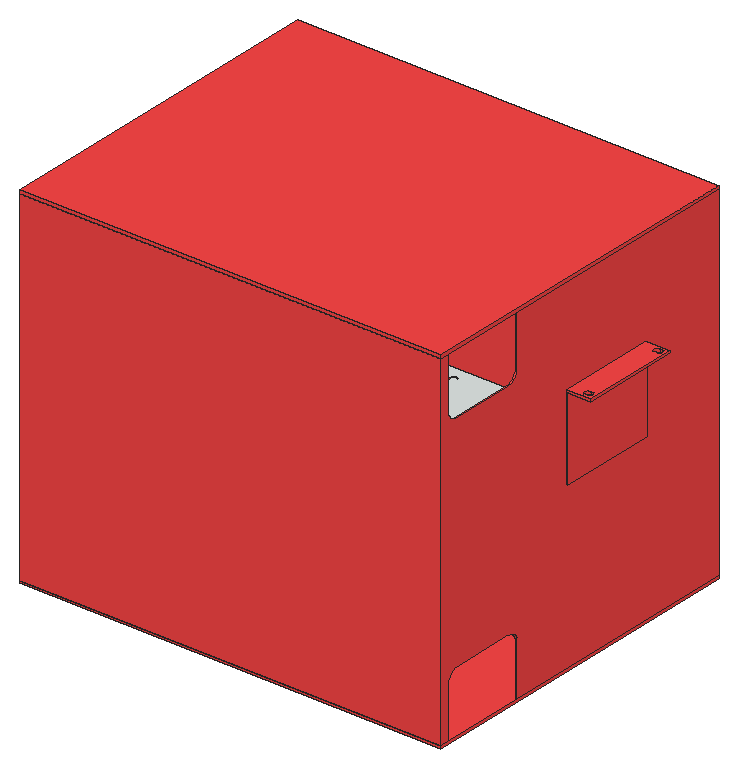
Revit family
Parameters (values of type "Use Type Catalog")
  zz YesNo 9 = and(zz YesNo 4, zz YesNo 10)  # no
  zz YesNo 8 [instance] = and(zz YesNo 4, Has Snap Locations)  # no
  zz YesNo 7 [instance] = and(zz YesNo 4, Has Snap Locations, or(zz Integer 1 = 30, zz Integer 1 = 40, zz Integer 1 = 50, zz Integer 1 = 51, zz Integer 1 = 55, zz Integer 1 = 56, zz Integer 1 = 60, zz Integer 1 = 61, zz Integer 1 = 66, zz Integer 1 = 67))  # no
  zz YesNo 6 [instance] = and(Has Snap Locations, not(or(zz Integer 1 = 30, zz Integer 1 = 40, zz Integer 1 = 50, zz Integer 1 = 51, zz Integer 1 = 55, zz Integer 1 = 56, zz Integer 1 = 60, zz Integer 1 = 61, zz Integer 1 = 66, zz Integer 1 = 67)))  # yes
  zz YesNo 5 [instance] = and(zz YesNo 4, Has Snap Locations)  # no
  zz YesNo 4 = or(zz Integer 1 = 10, zz Integer 1 = 11, zz Integer 1 = 20, zz Integer 1 = 22)  # no
  zz YesNo 3 = 1 = 0  # no
  zz YesNo 2 [instance] = Has Snap Locations  # yes
  zz YesNo 13 [instance] = if(and(Doors Are Open, or(zz Integer 1 = 10, zz Integer 1 = 11, zz Integer 1 = 20, zz Integer 1 = 22), Extend Tray 2), 1 = 1, 1 = 0)  # no
  zz YesNo 12 [instance] = and(Has Snap Locations, or(zz Integer 1 = 30, zz Integer 1 = 40, zz Integer 1 = 50, zz Integer 1 = 51, zz Integer 1 = 55, zz Integer 1 = 56, zz Integer 1 = 60, zz Integer 1 = 61, zz Integer 1 = 66, zz Integer 1 = 67))  # no
  zz YesNo 11 [instance] = and(zz YesNo 4, Has Snap Locations, not(or(zz Integer 1 = 30, zz Integer 1 = 40, zz Integer 1 = 50, zz Integer 1 = 51, zz Integer 1 = 55, zz Integer 1 = 56, zz Integer 1 = 60, zz Integer 1 = 61, zz Integer 1 = 66, zz Integer 1 = 67)))  # no
  zz YesNo 10 = not(or(zz Integer 1 = 30, zz Integer 1 = 40))  # yes
  zz YesNo 1 [instance] = if(and(Doors Are Open, Extend Tray 1), 1 = 1, 1 = 0)  # no
  zz Length 9 = if(or(zz Integer 1 = 10, zz Integer 1 = 11, zz Integer 1 = 20, zz Integer 1 = 22), 6.470", 0.000")  # 0.000"
  zz Length 8 = if(or(zz Integer 1 = 10, zz Integer 1 = 11, zz Integer 1 = 20, zz Integer 1 = 22), 2.360", if(or(zz Integer 1 = 30, zz Integer 1 = 40), 4.640", if(or(zz Integer 1 = 50, zz Integer 1 = 51, zz Integer 1 = 55, zz Integer 1 = 56, zz Integer 1 = 60, zz Integer 1 = 61, zz Integer 1 = 66, zz Integer 1 = 67), 4.680", if(or(zz Integer 1 = 70, zz Integer 1 = 77, zz Integer 1 = 78, zz Integer 1 = 79), 2.360", 2.360"))))  # 2.360"
  zz Length 7 = if(zz YesNo 3, zz Length 29 + zz Length 4 + 5.000", if(or(zz Integer 1 = 10, zz Integer 1 = 11, zz Integer 1 = 20, zz Integer 1 = 22), 2.000", if(or(zz Integer 1 = 30, zz Integer 1 = 40), 0.235", if(or(zz Integer 1 = 50, zz Integer 1 = 51, zz Integer 1 = 55, zz Integer 1 = 56, zz Integer 1 = 60, zz Integer 1 = 61, zz Integer 1 = 66, zz Integer 1 = 67), 1.000", if(or(zz Integer 1 = 70, zz Integer 1 = 77, zz Integer 1 = 78, zz Integer 1 = 79), 1.500", 3.966")))))  # 3.966"
  zz Length 6 = zz Length 24 / 2  # 0.1285"
  zz Length 59 = if(1 = 1, 2.350", 2.350")  # 2.350"
  zz Length 58 = if(or(zz Integer 1 = 30, zz Integer 1 = 40), 4.350", 4.220")  # 4.220"
  zz Length 57 = if(1 = 1, 4.220", 4.220")  # 4.220"
  zz Length 56 = if(1 = 1, 240.000" + zz Length 1, 240.000")  # 240.000"
  zz Length 55 = if(or(zz Integer 1 = 10, zz Integer 1 = 11, zz Integer 1 = 20, zz Integer 1 = 22), 3.420", if(or(zz Integer 1 = 30, zz Integer 1 = 40), 2.500", if(or(zz Integer 1 = 50, zz Integer 1 = 51, zz Integer 1 = 55, zz Integer 1 = 56, zz Integer 1 = 60, zz Integer 1 = 61, zz Integer 1 = 66, zz Integer 1 = 67), 3.000", if(or(zz Integer 1 = 70, zz Integer 1 = 77, zz Integer 1 = 78, zz Integer 1 = 79), 3.420", 3.420"))))  # 3.420"
  zz Length 54 = if(or(zz Integer 1 = 10, zz Integer 1 = 11, zz Integer 1 = 20, zz Integer 1 = 22, zz Integer 1 = 70, zz Integer 1 = 77, zz Integer 1 = 78, zz Integer 1 = 79), 1.180", if(or(zz Integer 1 = 30, zz Integer 1 = 40), 4.640", if(or(zz Integer 1 = 50, zz Integer 1 = 55, zz Integer 1 = 60, zz Integer 1 = 66), 4.680", if(or(zz Integer 1 = 51, zz Integer 1 = 56, zz Integer 1 = 61, zz Integer 1 = 67), 0.640", 1.180"))))  # 1.180"
  zz Length 53 = if(1 = 1, 3.000", 3.000")  # 3.000"
  zz Length 52 = if(zz YesNo 3, 16.000", 0.000")  # 0.000"
  zz Length 51 = if(zz YesNo 3, 20.000", 0.000")  # 0.000"
  zz Length 50 = if(or(zz Integer 1 = 10, zz Integer 1 = 11, zz Integer 1 = 20, zz Integer 1 = 22), 2.250", if(or(zz Integer 1 = 30, zz Integer 1 = 40), 2.250", if(or(zz Integer 1 = 50, zz Integer 1 = 51, zz Integer 1 = 55, zz Integer 1 = 56, zz Integer 1 = 60, zz Integer 1 = 61, zz Integer 1 = 66, zz Integer 1 = 67), 2.000", if(or(zz Integer 1 = 70, zz Integer 1 = 77, zz Integer 1 = 78, zz Integer 1 = 79), 2.000", 2.500"))))  # 2.500"
  zz Length 5 = if(or(zz Integer 1 = 10, zz Integer 1 = 11, zz Integer 1 = 20, zz Integer 1 = 22), 3.500", if(or(zz Integer 1 = 30, zz Integer 1 = 40), 1.000", if(or(zz Integer 1 = 50, zz Integer 1 = 51, zz Integer 1 = 55, zz Integer 1 = 56, zz Integer 1 = 60, zz Integer 1 = 61, zz Integer 1 = 66, zz Integer 1 = 67), 2.000", if(or(zz Integer 1 = 70, zz Integer 1 = 77, zz Integer 1 = 78, zz Integer 1 = 79), 3.500", 3.500"))))  # 3.500"
  zz Length 49 = if(zz YesNo 3, zz Length 7 + 2.000", 0.243")  # 0.243"
  zz Length 48 = if(zz YesNo 3, 20.000", 0.000")  # 0.000"
  zz Length 47 [instance] = zz Length 16  # 0.603"
  zz Length 46 = if(or(zz Integer 1 = 10, zz Integer 1 = 11, zz Integer 1 = 20, zz Integer 1 = 22), 0.091", if(or(zz Integer 1 = 30, zz Integer 1 = 40), 0.090", if(or(zz Integer 1 = 50, zz Integer 1 = 51, zz Integer 1 = 55, zz Integer 1 = 56, zz Integer 1 = 60, zz Integer 1 = 61, zz Integer 1 = 66, zz Integer 1 = 67), 0.105", if(or(zz Integer 1 = 70, zz Integer 1 = 77, zz Integer 1 = 78, zz Integer 1 = 79), 0.105", 0.091"))))  # 0.091"
  zz Length 45 = if(1 = 1, 0.063", 0.063")  # 0.063"
  zz Length 44 = if(or(zz Integer 1 = 10, zz Integer 1 = 11, zz Integer 1 = 20, zz Integer 1 = 22), 0.450", if(or(zz Integer 1 = 30, zz Integer 1 = 40), 0.250", if(or(zz Integer 1 = 50, zz Integer 1 = 51, zz Integer 1 = 55, zz Integer 1 = 56, zz Integer 1 = 60, zz Integer 1 = 61, zz Integer 1 = 66, zz Integer 1 = 67), 0.250", if(or(zz Integer 1 = 70, zz Integer 1 = 77, zz Integer 1 = 78, zz Integer 1 = 79), 0.250", 0.450"))))  # 0.450"
  zz Length 43 = if(or(zz Integer 1 = 10, zz Integer 1 = 11, zz Integer 1 = 20, zz Integer 1 = 22), 14.000", if(or(zz Integer 1 = 30, zz Integer 1 = 40), 1.700", if(or(zz Integer 1 = 50, zz Integer 1 = 51, zz Integer 1 = 55, zz Integer 1 = 56, zz Integer 1 = 60, zz Integer 1 = 61, zz Integer 1 = 66, zz Integer 1 = 67), 3.431", if(or(zz Integer 1 = 70, zz Integer 1 = 77, zz Integer 1 = 78, zz Integer 1 = 79), 6.931", 14.000"))))  # 14.000"
  zz Length 42 = if(or(zz Integer 1 = 10, zz Integer 1 = 11, zz Integer 1 = 20, zz Integer 1 = 22), 1.494", if(or(zz Integer 1 = 30, zz Integer 1 = 40), 0.063", if(or(zz Integer 1 = 50, zz Integer 1 = 51, zz Integer 1 = 55, zz Integer 1 = 56, zz Integer 1 = 60, zz Integer 1 = 61, zz Integer 1 = 66, zz Integer 1 = 67), 0.312", if(or(zz Integer 1 = 70, zz Integer 1 = 77, zz Integer 1 = 78, zz Integer 1 = 79), 1.494", 1.494"))))  # 1.494"
  zz Length 41 = if(or(zz Integer 1 = 10, zz Integer 1 = 11, zz Integer 1 = 20, zz Integer 1 = 22), 0.250", if(or(zz Integer 1 = 30, zz Integer 1 = 40), 0.250", if(or(zz Integer 1 = 50, zz Integer 1 = 51, zz Integer 1 = 55, zz Integer 1 = 56, zz Integer 1 = 60, zz Integer 1 = 61, zz Integer 1 = 66, zz Integer 1 = 67), 0.250", if(or(zz Integer 1 = 70, zz Integer 1 = 77, zz Integer 1 = 78, zz Integer 1 = 79), 0.250", 0.250"))))  # 0.250"
  zz Length 40 = if(or(zz Integer 1 = 10, zz Integer 1 = 11, zz Integer 1 = 20, zz Integer 1 = 22, zz Integer 1 = 70, zz Integer 1 = 77, zz Integer 1 = 78, zz Integer 1 = 79), 2.317", 0.000")  # 0.000"
  zz Length 4 = if(or(zz Integer 1 = 10, zz Integer 1 = 11, zz Integer 1 = 20, zz Integer 1 = 22), 6.500", 0.000")  # 0.000"
  zz Length 39 = if(or(zz Integer 1 = 10, zz Integer 1 = 11, zz Integer 1 = 20, zz Integer 1 = 22), 14.000", if(or(zz Integer 1 = 30, zz Integer 1 = 40), 14.000", if(or(zz Integer 1 = 50, zz Integer 1 = 51, zz Integer 1 = 55, zz Integer 1 = 56, zz Integer 1 = 60, zz Integer 1 = 61, zz Integer 1 = 66, zz Integer 1 = 67), 13.500", if(or(zz Integer 1 = 70, zz Integer 1 = 77, zz Integer 1 = 78, zz Integer 1 = 79), 13.500", 14.000"))))  # 14.000"
  zz Length 38 = if(1 = 1, 0.300", 0.300")  # 0.300"
  zz Length 37 = if(1 = 1, 14.160", 14.160")  # 14.160"
  zz Length 36 = if(1 = 1, 0.100", 0.100")  # 0.100"
  zz Length 35 = if(or(zz Integer 1 = 30, zz Integer 1 = 40), 1.174", 1.185")  # 1.185"
  zz Length 34 = if(or(zz Integer 1 = 10, zz Integer 1 = 11, zz Integer 1 = 20, zz Integer 1 = 22), 3.540", if(or(zz Integer 1 = 30, zz Integer 1 = 40), 0.710", if(or(zz Integer 1 = 50, zz Integer 1 = 55, zz Integer 1 = 60, zz Integer 1 = 66), 0.580", if(or(zz Integer 1 = 51, zz Integer 1 = 56, zz Integer 1 = 61, zz Integer 1 = 67), 0.000", if(or(zz Integer 1 = 70, zz Integer 1 = 77, zz Integer 1 = 78, zz Integer 1 = 79), 3.540", 3.540")))))  # 3.540"
  zz Length 33 = if(or(zz Integer 1 = 10, zz Integer 1 = 11, zz Integer 1 = 20, zz Integer 1 = 22), 4.633", if(or(zz Integer 1 = 30, zz Integer 1 = 40), 0.000", if(or(zz Integer 1 = 50, zz Integer 1 = 51, zz Integer 1 = 55, zz Integer 1 = 56, zz Integer 1 = 60, zz Integer 1 = 61, zz Integer 1 = 66, zz Integer 1 = 67), 1.125", if(or(zz Integer 1 = 7, zz Integer 1 = 77, zz Integer 1 = 78, zz Integer 1 = 79), 4.633", 4.633"))))  # 4.633"
  zz Length 32 = if(or(zz Integer 1 = 10, zz Integer 1 = 11, zz Integer 1 = 20, zz Integer 1 = 22), 4.060", if(or(zz Integer 1 = 30, zz Integer 1 = 40), 1.180", if(or(zz Integer 1 = 50, zz Integer 1 = 51, zz Integer 1 = 55, zz Integer 1 = 56, zz Integer 1 = 60, zz Integer 1 = 61, zz Integer 1 = 66, zz Integer 1 = 67), 2.360", if(or(zz Integer 1 = 70, zz Integer 1 = 77, zz Integer 1 = 78, zz Integer 1 = 79), 4.060", 0.603"))))  # 0.603"
  zz Length 31 = if(or(zz Integer 1 = 10, zz Integer 1 = 11, zz Integer 1 = 20, zz Integer 1 = 22), 6.500", 0.000")  # 0.000"
  zz Length 30 = if(1 = 1, 0.250", 0.250")  # 0.250"
  zz Length 3 = if(or(zz Integer 1 = 10, zz Integer 1 = 11, zz Integer 1 = 20, zz Integer 1 = 22), 3.966", if(or(zz Integer 1 = 30, zz Integer 1 = 40), 3.965", if(or(zz Integer 1 = 50, zz Integer 1 = 51, zz Integer 1 = 55, zz Integer 1 = 56, zz Integer 1 = 60, zz Integer 1 = 61, zz Integer 1 = 66, zz Integer 1 = 67), 3.730", if(or(zz Integer 1 = 70, zz Integer 1 = 77, zz Integer 1 = 78, zz Integer 1 = 79), 3.730", 3.966"))))  # 3.966"
  zz Length 29 = if(zz YesNo 3, zz Length 43 + 1.000", 0.343")  # 0.343"
  zz Length 28 = if(or(zz Integer 1 = 30, zz Integer 1 = 40), 1.000", 1.040")  # 1.040"
  zz Length 27 = if(or(zz Integer 1 = 10, zz Integer 1 = 11, zz Integer 1 = 20, zz Integer 1 = 22), 4.000", if(or(zz Integer 1 = 30, zz Integer 1 = 40), 1.700", if(or(zz Integer 1 = 50, zz Integer 1 = 51, zz Integer 1 = 55, zz Integer 1 = 56, zz Integer 1 = 60, zz Integer 1 = 61, zz Integer 1 = 66, zz Integer 1 = 67), 1.750", if(or(zz Integer 1 = 70, zz Integer 1 = 77, zz Integer 1 = 78, zz Integer 1 = 79), 4.000", 4.000"))))  # 4.000"
  zz Length 26 = if(1 = 1, 0.500", 0.500")  # 0.500"
  zz Length 25 [instance] = if(zz Integer 1 = 0, 0.000", if(zz YesNo 1, 6.000", zz Length 47))  # 0.000"
  zz Length 24 = if(1 = 1, 0.257", 0.257")  # 0.257"
  zz Length 23 = if(or(zz Integer 1 = 1, zz Integer 1 = 11, zz Integer 1 = 2, zz Integer 1 = 22), 12.647", if(or(zz Integer 1 = 3, zz Integer 1 = 4), 12.647", if(or(zz Integer 1 = 50, zz Integer 1 = 51, zz Integer 1 = 55, zz Integer 1 = 56, zz Integer 1 = 60, zz Integer 1 = 61, zz Integer 1 = 66, zz Integer 1 = 67), 12.633", if(or(zz Integer 1 = 7, zz Integer 1 = 77, zz Integer 1 = 78, zz Integer 1 = 79), 12.633", 12.647"))))  # 12.647"
  zz Length 22 = if(zz YesNo 3, 20.000", 0.000")  # 0.000"
  zz Length 21 = if(or(zz Integer 1 = 10, zz Integer 1 = 11, zz Integer 1 = 20, zz Integer 1 = 22), 1.204", if(or(zz Integer 1 = 30, zz Integer 1 = 40), 0.704", if(or(zz Integer 1 = 50, zz Integer 1 = 51, zz Integer 1 = 55, zz Integer 1 = 56, zz Integer 1 = 60, zz Integer 1 = 61, zz Integer 1 = 66, zz Integer 1 = 67), 0.929", if(or(zz Integer 1 = 7, zz Integer 1 = 77, zz Integer 1 = 78, zz Integer 1 = 79), 1.204", 1.204"))))  # 1.204"
  zz Length 20 = if(1 = 1, 16.562", 16.562")  # 16.562"
  zz Length 2 = if(1 = 1, 3.645", 3.645")  # 3.645"
  zz Length 19 = if(or(zz Integer 1 = 10, zz Integer 1 = 11, zz Integer 1 = 20, zz Integer 1 = 22), 6.424", if(or(zz Integer 1 = 30, zz Integer 1 = 40), 1.174", if(or(zz Integer 1 = 50, zz Integer 1 = 51, zz Integer 1 = 55, zz Integer 1 = 56, zz Integer 1 = 60, zz Integer 1 = 61, zz Integer 1 = 66, zz Integer 1 = 67), 2.922", if(or(zz Integer 1 = 70, zz Integer 1 = 77, zz Integer 1 = 78, zz Integer 1 = 79), 6.422", 6.424"))))  # 6.424"
  zz Length 18 = if(1 = 1, 17.000", 17.000")  # 17.000"
  zz Length 17 = if(or(zz Integer 1 = 10, zz Integer 1 = 11, zz Integer 1 = 20, zz Integer 1 = 22, zz Integer 1 = 70, zz Integer 1 = 77, zz Integer 1 = 78, zz Integer 1 = 79), 1.500", if(or(zz Integer 1 = 51, zz Integer 1 = 56, zz Integer 1 = 61, zz Integer 1 = 67), 0.250", 0.750"))  # 0.750"
  zz Length 16 [instance] = if(or(zz Integer 1 = 10, zz Integer 1 = 11, zz Integer 1 = 20, zz Integer 1 = 22), 0.603", if(or(zz Integer 1 = 30, zz Integer 1 = 40), 0.675", if(or(zz Integer 1 = 50, zz Integer 1 = 51, zz Integer 1 = 55, zz Integer 1 = 56, zz Integer 1 = 60, zz Integer 1 = 61, zz Integer 1 = 66, zz Integer 1 = 67), 0.441", if(or(zz Integer 1 = 70, zz Integer 1 = 77, zz Integer 1 = 78, zz Integer 1 = 79), 0.441", 0.603"))))  # 0.603"
  zz Length 15 = if(1 = 1, 0.640", 0.640")  # 0.640"
  zz Length 14 = if(or(zz Integer 1 = 10, zz Integer 1 = 11, zz Integer 1 = 20, zz Integer 1 = 22, zz Integer 1 = 70, zz Integer 1 = 77, zz Integer 1 = 78, zz Integer 1 = 79), 1.180", 0.000")  # 0.000"
  zz Length 13 [instance] = if(zz Integer 1 = 0, 0.000", if(zz YesNo 13, 6.000", zz Length 47))  # 0.000"
  zz Length 12 = if(1 = 1, 1.000", 1.000")  # 1.000"
  zz Length 11 = if(1 = 1, 1.000", 1.000")  # 1.000"
  zz Length 10 = if(zz YesNo 3, zz Length 43, if(or(zz Integer 1 = 10, zz Integer 1 = 11, zz Integer 1 = 20, zz Integer 1 = 22), 1.750", if(or(zz Integer 1 = 30, zz Integer 1 = 40), 0.000", if(or(zz Integer 1 = 50, zz Integer 1 = 51, zz Integer 1 = 55, zz Integer 1 = 56, zz Integer 1 = 60, zz Integer 1 = 61, zz Integer 1 = 66, zz Integer 1 = 67), 0.000", if(or(zz Integer 1 = 70, zz Integer 1 = 77, zz Integer 1 = 78, zz Integer 1 = 79), 1.250", 1.750")))))  # 1.750"
  zz Length 1 = if(zz YesNo 3, 50.000", 0.000")  # 0.000"
  zz Integer 1 = 0
  zz Force 1 = if(zz Integer 1 = 0, 0.00 lbf, if(or(zz Integer 1 = 10, zz Integer 1 = 11, zz Integer 1 = 20, zz Integer 1 = 22), 1.20 lbf, if(or(zz Integer 1 = 30, zz Integer 1 = 40), 0.00 lbf, if(or(zz Integer 1 = 50, zz Integer 1 = 55, zz Integer 1 = 60, zz Integer 1 = 66), 0.00 lbf, if(or(zz Integer 1 = 70, zz Integer 1 = 77, zz Integer 1 = 78, zz Integer 1 = 79), 1.20 lbf, 0.00 lbf)))))  # 0.00 lbf
  zz Angle 2 [instance] = if(zz Integer 1 = 0, 0.00°, if(or(zz YesNo 3, Doors Are Open), 95.00°, 0.00°))  # 0.00°
  zz Angle 1 [instance] = if(zz Integer 1 = 0, 0.00°, if(or(zz YesNo 3, Doors Are Open), 95.00°, 0.00°))  # 0.00°
  Width = if(zz Integer 1 = 0, 0.000", zz Length 18)  # 0.000"
  Weight = if(zz Integer 1 = 0, 0.00 lbf, zz Force 1)  # 0.00 lbf
  URL = "http://www.fiberinstrumentsales.com/"
  Rack Spaces RU = if(or(zz Integer 1 = 10, zz Integer 1 = 11, zz Integer 1 = 20, zz Integer 1 = 22), 8, if(or(zz Integer 1 = 30, zz Integer 1 = 40), 1, if(or(zz Integer 1 = 50, zz Integer 1 = 51, zz Integer 1 = 55, zz Integer 1 = 56, zz Integer 1 = 60, zz Integer 1 = 61, zz Integer 1 = 66, zz Integer 1 = 67), 2, if(or(zz Integer 1 = 70, zz Integer 1 = 77, zz Integer 1 = 78, zz Integer 1 = 79), 4, 0))))  # 0
  Provide Feedback = "https://www.surveymonkey.com/s/7W9CKP6"
  Product Page URL = " "
  Product Material = Use Type Catalog
  Product Documentation Link = " "
  Part Number [instance] = "Use Type Catalog"
  Part Description [instance] = if(zz Integer 1 = 10, "8RU Rack Mount Enclosure; up to 24 LGX Plates or cassettes; Black", if(zz Integer 1 = 11, "8RU Rack Mount Enclosure; up to 24 LGX Plates or cassettes; Off White", if(zz Integer 1 = 20, "8RU Rack Mount Enclosure; up to 24 LGX Plates or cassettes; w/Lexan Front Door; Black", if(zz Integer 1 = 22, "8RU Rack Mount Enclosure; up to 24 LGX Plates or cassettes; w/Lexan Front Door; Off White", if(zz Integer 1 = 30, "1RU Rack Mount Enclosure; up to 3 LGX Plates or cassettes; Black", if(zz Integer 1 = 40, "1RU Rack Mount Enclosure; up to 3 LGX Plates or cassettes; Off White", if(zz Integer 1 = 50, "2RU Rack Mount Enclosure; up to 6 LGX Plates or cassettes; Black", if(zz Integer 1 = 51, "2RU Rack Mount Enclosure; up to 4 LGX Plates or cassettes; Black", if(zz Integer 1 = 55, "2RU Rack Mount Enclosure; up to 6 LGX Plates or cassettes; Off White", if(zz Integer 1 = 56, "2RU Rack Mount Enclosure; up to 4 LGX Plates or cassettes; Off White", if(zz Integer 1 = 60, "2RU Rack Mount Enclosure; up to 6 LGX Plates or cassettes; w/Lexan Front Door; Black", if(zz Integer 1 = 61, "2RU Rack Mount Enclosure; up to 4 LGX Plates or cassettes; w/Lexan Front Door; Black", if(zz Integer 1 = 66, "2RU Rack Mount Enclosure; up to 6 LGX Plates or cassettes; w/Lexan Front Door; Off White", if(zz Integer 1 = 67, "2RU Rack Mount Enclosure; up to 4 LGX Plates or cassettes; w/Lexan Front Door; Off White", if(zz Integer 1 = 70, "4RU Rack Mount Enclosure; up to 12 LGX Plates or cassettes; Black", if(zz Integer 1 = 77, "4RU Rack Mount Enclosure; up to 12 LGX Plates or cassettes; Off White", if(zz Integer 1 = 78, "4RU Rack Mount Enclosure; up to 12 LGX Plates or cassettes; w/Lexan Front Door; Black", if(zz Integer 1 = 79, "4RU Rack Mount Enclosure; up to 12 LGX Plates or cassettes; w/Lexan Front Door; Off White", "Use Type Catalog"))))))))))))))))))  # "Use Type Catalog"
  Original Creation Date = "November 21, 2013"  # constant formula
  Model Disclaimer = "For More Information, Contact Fiber Instrument Sales"  # constant formula
  Model = "See Part Number"  # constant formula
  Manufacturer = "Fiber Instrument Sales"  # constant formula
  Height = if(zz Integer 1 = 0, 0.000", zz Length 43)  # 0.000"
  Has Snap Locations [instance] = yes
  Front Panel Material = Use Type Catalog
  Family Version = "1.0.0"  # constant formula
  Extend Tray 2 [instance] = no
  Extend Tray 1 [instance] = no
  Equipment Number [instance] = ""
  Equipment Abbreviation = "RE"
  Doors Are Open [instance] = no
  Description = "See Part Description"  # constant formula
  Depth = if(zz Integer 1 = 0, 0.000", zz Length 39)  # 0.000"
  Date Last Modified = "November 21, 2013"  # constant formula
  Copyright = "Copyright © 2013 Fiber Instrument Sales"  # constant formula
  Capacity = if(or(zz Integer 1 = 10, zz Integer 1 = 11, zz Integer 1 = 20, zz Integer 1 = 22), 24, if(or(zz Integer 1 = 30, zz Integer 1 = 40), 3, if(or(zz Integer 1 = 50, zz Integer 1 = 55, zz Integer 1 = 60, zz Integer 1 = 66), 6, if(or(zz Integer 1 = 51, zz Integer 1 = 56, zz Integer 1 = 61, zz Integer 1 = 67), 4, if(or(zz Integer 1 = 70, zz Integer 1 = 77, zz Integer 1 = 78, zz Integer 1 = 79), 12, 0)))))  # 0
Reference planes (in)
  plane 1 "Center (Front/Back)": y = 0
  plane 2 "Center (Elevation)": z = 0
  plane 3 "Center (Left/Right)": x = 0
  plane 4: x = -8.5
  plane 5: x = 8.5
  plane 6 "Enclosure Bottom": y = -11.784
  plane 7 "Enclosure Top": y = 2.216
  plane 8 "Host": z = 0
  plane 9 "Base": z = -240
  plane 10: z = -10.034
  plane 11: z = 3.966
  plane 12: x = -8.437
  plane 13: x = 8.437
  plane 14 "Top Wall": y = 2.153
  plane 15 "Bottom Floor": y = -11.721
  plane 16: x = -9.5
  plane 17: x = 9.5
  plane 18: x = -8.591
  plane 19: x = 8.591
  plane 20: z = 0.091
  plane 21: z = -3.329
  plane 22: x = -9.075
  plane 23: x = -9.425
  plane 24: x = -9.2
  plane 25: x = -9.3
  plane 26: x = 9.075
  plane 27: x = 9.425
  plane 28: x = 9.2
  plane 29: x = 9.3
  plane 30: z = -9.974
  plane 31 "Tray Left": x = -8.281
  plane 32 "Tray Right": x = 8.281
  plane 33: z = -9.974
  plane 34: z = 2.673
  plane 35: z = 2.61
  plane 36 "Tray 1 Snap": z = -0.972
  plane 37: z = -1.035
  plane 38: z = -1.972
  plane 39: z = -9.911
  plane 40 "Tray 1 Bottom": y = -11.541
  plane 41 "Tray 1 Bottom Wall": y = -11.478
  plane 42 "Tray 1 Wall 1 Top": y = -11.241
  plane 43 "Tray 1 Wall 3 Top": y = -10.356
  plane 44 "Tray 1 Wall 2 Top": y = -5.117
  plane 45 "Tray 1 Bend Bottom": y = -5.18
  plane 46: x = -1.175
  plane 47: x = 1.175
  plane 48: x = -4.175
  plane 49: x = 4.175
  plane 50: z = -9.848
  plane 51: z = -10.037
  plane 52: x = 0
  plane 53: x = 8.281
  plane 54: x = -8.281
  plane 55: x = 1.175
  plane 56: x = -1.175
  plane 57: x = 4.175
  plane 58: x = -4.175
  plane 59: x = 0
  plane 60 "Tray 2 Bottom": y = -11.541
  plane 61 "Tray 2 Bottom Wall": y = -11.478
  plane 62 "Tray 2 Wall 1 Top": y = -11.241
  plane 63 "Tray 2 Wall 3 Top": y = -10.356
  plane 64 "Tray 2 Wall 2 Top": y = -5.117
  plane 65 "Tray 2 Bend Bottom": y = -5.18
  plane 66: y = -1.5
  plane 67: y = -5.5
  plane 68: y = -1.625
  plane 69: y = -1.875
  plane 70: y = -5.125
  plane 71: y = -5.375
  plane 72: y = -5.25
  plane 73: y = -1.75
  plane 74: y = -3.5
  plane 75: y = -1.5
  plane 76: y = -5.5
  plane 77: y = -1.625
  plane 78: y = -1.875
  plane 79: y = -5.125
  plane 80: y = -5.375
  plane 81: y = -5.25
  plane 82: y = -1.75
  plane 83: y = -3.5
  plane 84: z = -9.974
  plane 85: z = 2.673
  plane 86: z = 2.61
  plane 87 "Tray 2 Snap": z = -0.972
  plane 88: z = -1.035
  plane 89: z = -1.972
  plane 90: z = -9.911
  plane 91: z = -9.848
  plane 92: z = -10.037
  plane 93 "Cutout 1 Top": y = -7.941
  plane 94 "Cutout 1 Bottom": y = -11.441
  plane 95 "Cutout 2 Top": y = -7.941
  plane 96 "Cutout 2 Bottom": y = -11.441
  plane 97: z = 1.466
  plane 98: z = -7.534
  plane 99: z = 1.916
  plane 100: z = -7.984
  plane 101: y = -8.391
  plane 102: y = -10.991
  plane 103: y = -8.391
  plane 104: y = -10.991
  plane 105: x = 0
  plane 106: x = 0
  plane 107: x = -7.08
  plane 108: x = 7.08
  plane 109: x = -7.08
  plane 110: x = 7.08
  plane 111: y = -9.444
  plane 112: y = -9.444
  plane 113: y = -10.047
  plane 114: y = -10.047
  plane 115: x = -0.59
  plane 116: x = -0.59
  plane 117: x = -4.13
  plane 118: x = -4.13
  plane 119: x = -6.49
  plane 120: x = -6.49
  plane 121: x = 0.59
  plane 122: x = 0.59
  plane 123: x = 4.13
  plane 124: x = 4.13
  plane 125: x = 6.49
  plane 126: x = 6.49
  plane 127: z = -1.222
  plane 128: z = -1.222
  plane 129: x = -7.37
  plane 130: x = 7.37
  plane 131: x = 2.11
  plane 132: x = 3.15
  plane 133: x = -2.11
  plane 134: x = -3.15
  plane 135: x = -7.37
  plane 136: x = 7.37
  plane 137: x = 2.11
  plane 138: x = 3.15
  plane 139: x = -2.11
  plane 140: x = -3.15
  plane 141: z = -0.722
  plane 142: z = -0.222
  plane 143: y = -10.337
  plane 144: y = -5.704
  plane 145: x = -0.59
  plane 146: x = -0.59
  plane 147: x = -4.13
  plane 148: x = -4.13
  plane 149: x = -6.49
  plane 150: x = -6.49
  plane 151: x = 0.59
  plane 152: x = 0.59
  plane 153: x = 4.13
  plane 154: x = 4.13
  plane 155: x = 6.49
  plane 156: x = 6.49
  plane 157: y = -5.704
  plane 158: y = -10.337
  plane 159: x = -0.59
  plane 160: x = -0.59
  plane 161: x = -4.13
  plane 162: x = -4.13
  plane 163: x = -5.31
  plane 164: x = -6.49
  plane 165: x = 0.59
  plane 166: x = 0.59
  plane 167: x = 4.13
  plane 168: x = 4.13
  plane 169: x = 5.31
  plane 170: x = 6.49
  plane 171: x = -6.74
  plane 172: x = -6.24
  plane 173: x = -5.56
  plane 174: x = -5.06
  plane 175: x = -4.38
  plane 176: x = -3.88
  plane 177: x = -4.38
  plane 178: x = -3.88
  plane 179: x = -0.84
  plane 180: x = -0.34
  plane 181: x = -0.84
  plane 182: x = -0.34
  plane 183: x = 0.34
  plane 184: x = 0.84
  plane 185: x = 0.34
  plane 186: x = 0.84
  plane 187: x = 3.88
  plane 188: x = 4.38
  plane 189: x = 3.88
  plane 190: x = 4.38
  plane 191: x = 5.06
  plane 192: x = 5.56
  plane 193: x = 6.24
  plane 194: x = 6.74
  plane 195: y = -11.541
  plane 196: y = -11.541
  plane 197: y = -10.337
  plane 198: y = -5.704
  plane 199: y = -5.704
  plane 200: y = -10.337
  plane 201: y = -5.704
  plane 202: y = -5.954
  plane 203: y = -5.454
  plane 204: y = -5.704
  plane 205: y = -5.954
  plane 206: y = -5.454
  plane 207: y = -10.587
  plane 208: y = -10.087
  plane 209: y = -10.587
  plane 210: y = -10.087
  plane 211: x = 0
  plane 212: x = -0.25
  plane 213: x = 0.25
  plane 214: x = 0.59
  plane 215: x = 0.59
  plane 216: x = 4.13
  plane 217: x = 4.13
  plane 218: x = 5.31
  plane 219: x = 6.49
  plane 220: x = -0.59
  plane 221: x = -0.59
  plane 222: x = -4.13
  plane 223: x = -4.13
  plane 224: x = -5.31
  plane 225: x = -6.49
  plane 226: x = 6.74
  plane 227: x = 6.24
  plane 228: x = 5.56
  plane 229: x = 5.06
  plane 230: x = 4.38
  plane 231: x = 3.88
  plane 232: x = 4.38
  plane 233: x = 3.88
  plane 234: x = 0.84
  plane 235: x = 0.34
  plane 236: x = 0.84
  plane 237: x = 0.34
  plane 238: x = -0.34
  plane 239: x = -0.84
  plane 240: x = -0.34
  plane 241: x = -0.84
  plane 242: x = -3.88
  plane 243: x = -4.38
  plane 244: x = -3.88
  plane 245: x = -4.38
  plane 246: x = -5.06
  plane 247: x = -5.56
  plane 248: x = -6.24
  plane 249: x = -6.74
  plane 250: x = 0
  plane 251: x = 0.25
  plane 252: x = -0.25
  plane 253: z = -0.222
  plane 254: x = 0.32
  plane 255: x = 4.54
  plane 256: x = -0.32
  plane 257: x = -4.54
Forms (in)
  Extrusion 1, solid, material "Use Type Catalog" <- "Product Material"
    sketch origin (0, 0, 0) x (1, 0, 0) y (0, 1, 0)
      loop
        line (-8.5, 2.216) -> (-8.5, -11.784) -> (8.5, -11.784) -> (8.5, 2.216) -> (-8.5, 2.216)
      loop
        line (-8.437, 2.153) -> (-8.437, -11.721) -> (8.437, -11.721) -> (8.437, 2.153) -> (-8.437, 2.153)
    from -10.034 to 3.966
  Extrusion 2, solid, material "Use Type Catalog" <- "Product Material"
    sketch origin (0, 0, 0) x (1, 0, 0) y (0, 0, 1)
      loop
        line (-9.5, 0.091) -> (-9.5, 0) -> (-8.591, 0) -> (-8.591, -3.329) -> (-8.5, -3.329) -> (-8.5, 0.091) -> (-9.5, 0.091)
      loop
        line (9.5, 0.091) -> (8.5, 0.091) -> (8.5, -3.329) -> (8.591, -3.329) -> (8.591, 0) -> (9.5, 0) -> (9.5, 0.091)
    from 1.5 to 5.5
  Extrusion 3, void
    sketch origin (0, 0, 0) x (1, 0, 0) y (0, 1, 0)
      loop
        arc (-9.2, -1.875) -> (-9.075, -1.75) -> (-9.2, -1.625) r 0.125
        line (-9.2, -1.625) -> (-9.3, -1.625)
        arc (-9.3, -1.625) -> (-9.425, -1.75) -> (-9.3, -1.875) r 0.125
        line (-9.3, -1.875) -> (-9.2, -1.875)
      loop
        arc (-9.2, -5.375) -> (-9.075, -5.25) -> (-9.2, -5.125) r 0.125
        line (-9.2, -5.125) -> (-9.3, -5.125)
        arc (-9.3, -5.125) -> (-9.425, -5.25) -> (-9.3, -5.375) r 0.125
        line (-9.3, -5.375) -> (-9.2, -5.375)
      loop
        line (9.2, -1.875) -> (9.3, -1.875)
        arc (9.3, -1.875) -> (9.425, -1.75) -> (9.3, -1.625) r 0.125
        line (9.3, -1.625) -> (9.2, -1.625)
        arc (9.2, -1.625) -> (9.075, -1.75) -> (9.2, -1.875) r 0.125
      loop
        line (9.2, -5.375) -> (9.3, -5.375)
        arc (9.3, -5.375) -> (9.425, -5.25) -> (9.3, -5.125) r 0.125
        line (9.3, -5.125) -> (9.2, -5.125)
        arc (9.2, -5.125) -> (9.075, -5.25) -> (9.2, -5.375) r 0.125
    from -10.034 to 3.966
  Extrusion 4, solid, material "Use Type Catalog" <- "Product Material"
    sketch origin (0, 0, 0) x (0, 1, 0) y (0, 0, 1)
      loop
        line (-11.541, 2.673) -> (-11.541, -9.974) -> (-10.356, -9.974) -> (-10.356, -9.911) -> (-11.478, -9.911) -> (-11.478, -1.035) -> (-5.117, -1.035) -> (-5.117, -0.972) -> (-11.478, -0.972) -> (-11.478, 2.61) -> (-11.241, 2.61) -> (-11.241, 2.673) -> (-11.541, 2.673)
    from -8.281 to 8.281
  Extrusion 5, solid, material "Use Type Catalog" <- "Product Material", visible <- "zz YesNo 4"
    sketch origin (0, 0, 0) x (0, 1, 0) y (0, 0, 1)
      loop
        line (-11.541, 2.673) -> (-11.541, -9.974) -> (-10.356, -9.974) -> (-10.356, -9.911) -> (-11.478, -9.911) -> (-11.478, -1.035) -> (-5.117, -1.035) -> (-5.117, -0.972) -> (-11.478, -0.972) -> (-11.478, 2.61) -> (-11.241, 2.61) -> (-11.241, 2.673) -> (-11.541, 2.673)
    from -8.281 to 8.281
  Extrusion 6, void
    sketch origin (0, -13, 0) x (1, 0, 0) y (0, 1, 0)
      loop
        arc (-9.2, 11.125) -> (-9.075, 11.25) -> (-9.2, 11.375) r 0.125
        line (-9.2, 11.375) -> (-9.3, 11.375)
        arc (-9.3, 11.375) -> (-9.425, 11.25) -> (-9.3, 11.125) r 0.125
        line (-9.3, 11.125) -> (-9.2, 11.125)
      loop
        arc (-9.2, 7.625) -> (-9.075, 7.75) -> (-9.2, 7.875) r 0.125
        line (-9.2, 7.875) -> (-9.3, 7.875)
        arc (-9.3, 7.875) -> (-9.425, 7.75) -> (-9.3, 7.625) r 0.125
        line (-9.3, 7.625) -> (-9.2, 7.625)
      loop
        line (9.2, 11.125) -> (9.3, 11.125)
        arc (9.3, 11.125) -> (9.425, 11.25) -> (9.3, 11.375) r 0.125
        line (9.3, 11.375) -> (9.2, 11.375)
        arc (9.2, 11.375) -> (9.075, 11.25) -> (9.2, 11.125) r 0.125
      loop
        line (9.2, 7.625) -> (9.3, 7.625)
        arc (9.3, 7.625) -> (9.425, 7.75) -> (9.3, 7.875) r 0.125
        line (9.3, 7.875) -> (9.2, 7.875)
        arc (9.2, 7.875) -> (9.075, 7.75) -> (9.2, 7.625) r 0.125
    from -10.034 to 3.966
  Extrusion 7, solid, material "Use Type Catalog" <- "Product Material", visible <- "zz YesNo 4"
    sketch origin (0, 0, 0) x (1, 0, 0) y (0, 0, 1)
      loop
        line (-9.5, 0.091) -> (-9.5, 0) -> (-8.591, 0) -> (-8.591, -3.329) -> (-8.5, -3.329) -> (-8.5, 0.091) -> (-9.5, 0.091)
      loop
        line (9.5, 0) -> (9.5, 0.091) -> (8.5, 0.091) -> (8.5, -3.329) -> (8.591, -3.329) -> (8.591, 0) -> (9.5, 0)
    from 1.5 to 5.5
  Extrusion 8, void
    sketch origin (0, 0, 0) x (0, 1, 0) y (0, 0, 1)
      loop
        line (-11.441, 3.966) -> (-11.441, 1.916)
        arc (-11.441, 1.916) -> (-11.3092, 1.5978) -> (-10.991, 1.466) r 0.45
        line (-10.991, 1.466) -> (-8.391, 1.466)
        arc (-8.391, 1.466) -> (-8.0728, 1.5978) -> (-7.941, 1.916) r 0.45
        line (-7.941, 1.916) -> (-7.941, 3.966) -> (-11.441, 3.966)
      loop
        arc (-10.991, -7.534) -> (-11.3092, -7.6658) -> (-11.441, -7.984) r 0.45
        line (-11.441, -7.984) -> (-11.441, -10.034) -> (-7.941, -10.034) -> (-7.941, -7.984)
        arc (-7.941, -7.984) -> (-8.0728, -7.6658) -> (-8.391, -7.534) r 0.45
        line (-8.391, -7.534) -> (-10.991, -7.534)
    from -9.5 to 9.5
  Extrusion 9, void
    sketch origin (0, 0, 0) x (0, 1, 0) y (0, 0, 1)
      loop
        line (-11.441, 3.966) -> (-11.441, 1.916)
        arc (-11.441, 1.916) -> (-11.3092, 1.5978) -> (-10.991, 1.466) r 0.45
        line (-10.991, 1.466) -> (-8.391, 1.466)
        arc (-8.391, 1.466) -> (-8.0728, 1.5978) -> (-7.941, 1.916) r 0.45
        line (-7.941, 1.916) -> (-7.941, 3.966) -> (-11.441, 3.966)
      loop
        arc (-10.991, -7.534) -> (-11.3092, -7.6658) -> (-11.441, -7.984) r 0.45
        line (-11.441, -7.984) -> (-11.441, -10.034) -> (-7.941, -10.034) -> (-7.941, -7.984)
        arc (-7.941, -7.984) -> (-8.0728, -7.6658) -> (-8.391, -7.534) r 0.45
        line (-8.391, -7.534) -> (-10.991, -7.534)
    from -9.5 to 9.5
  Extrusion 10, solid, material "Use Type Catalog" <- "Front Panel Material"
    sketch origin (0, -11.784, 3.966) x (0, 1, 0) y (0, 0, 1)
      loop
        line (0, 0.125) -> (0, 0) -> (14, 0) -> (14, 0.125) -> (0, 0.125)
    from -8.5 to 8.5
  Extrusion 11, solid, material "Use Type Catalog" <- "Product Material"
    sketch origin (0, -11.784, -10.034) x (0, 1, 0) y (0, 0, 1)
      loop
        line (0, 0) -> (0, -0.1) -> (14, -0.1) -> (14, 0) -> (0, 0)
    from -8.5 to 8.5
  Extrusion 12, void
    sketch origin (0, 0, 0) x (1, 0, 0) y (0, 1, 0)
      loop
        line (-7.08, -9.444) -> (-7.08, -10.047) -> (7.08, -10.047) -> (7.08, -9.444) -> (-7.08, -9.444)
    from -1.972 to -1.222
  Extrusion 13, solid, material "Snap Locations", visible <- "zz YesNo 8"
    sketch origin (0, 0, 0) x (1, 0, 0) y (0, 1, 0)
      loop
        line (-8.281, -5.117) -> (-8.281, -11.478) -> (8.281, -11.478) -> (8.281, -5.117) -> (-8.281, -5.117)
    from -1.035 to -0.972
  Extrusion 14, solid, material "Snap Locations", visible <- "Has Snap Locations"
    sketch origin (0, 0, 0) x (1, 0, 0) y (0, 1, 0)
      loop
        line (-8.281, -5.117) -> (-8.281, -11.478) -> (8.281, -11.478) -> (8.281, -5.117) -> (-8.281, -5.117)
    from -1.035 to -0.972
  Extrusion 15, void
    sketch origin (0, 0, 0) x (1, 0, 0) y (0, 1, 0)
      loop
        line (-7.37, -9.444) -> (-7.37, -10.047) -> (-3.15, -10.047) -> (-3.15, -9.444) -> (-7.37, -9.444)
      loop
        line (7.37, -10.047) -> (7.37, -9.444) -> (3.15, -9.444) -> (3.15, -10.047) -> (7.37, -10.047)
      loop
        line (2.11, -10.047) -> (2.11, -9.444) -> (-2.11, -9.444) -> (-2.11, -10.047) -> (2.11, -10.047)
    from -1.222 to -0.222
  Extrusion 16, void
    sketch origin (0, 0, 0) x (1, 0, 0) y (0, 1, 0)
      loop
        circle (-6.49, -10.337) r 0.1285
      loop
        circle (6.49, -10.337) r 0.1285
      loop
        circle (-4.13, -10.337) r 0.1285
      loop
        circle (4.13, -10.337) r 0.1285
    from -1.972 to -0.222
  Extrusion 17, void
    sketch origin (0, 0, 0) x (1, 0, 0) y (0, 1, 0)
      loop
        circle (-6.49, -5.704) r 0.1285
      loop
        circle (6.49, -5.704) r 0.1285
      loop
        circle (-4.13, -5.704) r 0.1285
      loop
        circle (4.13, -5.704) r 0.1285
    from -1.972 to -0.222
  Extrusion 18, void
    sketch origin (0, 0, 0) x (1, 0, 0) y (0, 1, 0)
      loop
        circle (-6.49, -5.704) r 0.1285
      loop
        circle (-4.13, -5.704) r 0.1285
      loop
        circle (4.13, -5.704) r 0.1285
      loop
        circle (6.49, -5.704) r 0.1285
    from -1.972 to -0.222
  Extrusion 19, void
    sketch origin (0, 0, 0) x (1, 0, 0) y (0, 1, 0)
      loop
        circle (-6.49, -5.704) r 0.1285
      loop
        circle (-4.13, -5.704) r 0.1285
      loop
        circle (4.13, -5.704) r 0.1285
      loop
        circle (6.49, -5.704) r 0.1285
    from -1.972 to -0.222
  Extrusion 20, void
    sketch origin (0, 0, 0) x (1, 0, 0) y (0, 1, 0)
      loop
        circle (-6.49, -10.337) r 0.1285
      loop
        circle (-4.13, -10.337) r 0.1285
      loop
        circle (4.13, -10.337) r 0.1285
      loop
        circle (6.49, -10.337) r 0.1285
    from -1.972 to -0.222
  Extrusion 21, void
    sketch origin (0, 0, 0) x (1, 0, 0) y (0, 1, 0)
      loop
        circle (-6.49, -5.704) r 0.1285
      loop
        circle (-4.13, -5.704) r 0.1285
      loop
        circle (4.13, -5.704) r 0.1285
      loop
        circle (6.49, -5.704) r 0.1285
    from -1.972 to -0.222
  Extrusion 22, void
    sketch origin (0, 0, 0) x (1, 0, 0) y (0, 1, 0)
      loop
        circle (-6.49, -10.337) r 0.1285
      loop
        circle (-4.13, -10.337) r 0.1285
      loop
        circle (4.13, -10.337) r 0.1285
      loop
        circle (6.49, -10.337) r 0.1285
    from -1.972 to -0.222
  Extrusion 23, void
    sketch origin (0, 0, 0) x (1, 0, 0) y (0, 1, 0)
      loop
        circle (-6.49, -10.337) r 0.1285
      loop
        circle (-4.13, -10.337) r 0.1285
      loop
        circle (4.13, -10.337) r 0.1285
      loop
        circle (6.49, -10.337) r 0.1285
    from -1.972 to -0.222
  Extrusion 24, solid, material "Use Type Catalog" <- "Product Material", visible <- "zz YesNo 9"
    sketch origin (0, 0, 0) x (0, 1, 0) y (0, 0, 1)
      loop
        line (-5.18, -1.035) -> (-5.18, -1.972) -> (-5.117, -1.972) -> (-5.117, -1.035) -> (-5.18, -1.035)
    from -8.281 to 8.281
  Extrusion 25, solid, material "Use Type Catalog" <- "Product Material", visible <- "zz YesNo 10"
    sketch origin (0, 0, 0) x (0, 1, 0) y (0, 0, 1)
      loop
        line (-5.18, -1.035) -> (-5.18, -1.972) -> (-5.117, -1.972) -> (-5.117, -1.035) -> (-5.18, -1.035)
    from -8.281 to 8.281
  Extrusion 26, void
    sketch origin (0, 0, 0) x (1, 0, 0) y (0, 1, 0)
      loop
        line (-8.281, -10.356) -> (-8.281, -11.478) -> (-4.175, -11.478) -> (-4.175, -10.356) -> (-8.281, -10.356)
      loop
        line (8.281, -11.478) -> (8.281, -10.356) -> (4.175, -10.356) -> (4.175, -11.478) -> (8.281, -11.478)
      loop
        line (-1.175, -10.356) -> (-1.175, -11.478) -> (1.175, -11.478) -> (1.175, -10.356) -> (-1.175, -10.356)
    from -10.037 to -9.848
  Extrusion 27, void
    sketch origin (0, 0, 0) x (1, 0, 0) y (0, 1, 0)
      loop
        line (-8.281, -10.356) -> (-8.281, -11.478) -> (-4.175, -11.478) -> (-4.175, -10.356) -> (-8.281, -10.356)
      loop
        line (8.281, -11.478) -> (8.281, -10.356) -> (4.175, -10.356) -> (4.175, -11.478) -> (8.281, -11.478)
      loop
        line (1.175, -11.478) -> (1.175, -10.356) -> (-1.175, -10.356) -> (-1.175, -11.478) -> (1.175, -11.478)
    from -10.037 to -9.848
  Extrusion 28, void
    sketch origin (0, 0, 0) x (1, 0, 0) y (0, 1, 0)
      loop
        circle (0.59, -5.704) r 0.1285
      loop
        circle (-0.59, -5.704) r 0.1285
    from -1.972 to -0.222
  Extrusion 29, void
    sketch origin (0, 0, 0) x (1, 0, 0) y (0, 1, 0)
      loop
        circle (-0.59, -10.337) r 0.1285
      loop
        circle (0.59, -10.337) r 0.1285
    from -1.972 to -0.222
  Extrusion 30, void
    sketch origin (0, 0, 0) x (1, 0, 0) y (0, 1, 0)
      loop
        circle (-0.59, -5.704) r 0.1285
      loop
        circle (0.59, -5.704) r 0.1285
    from -1.972 to -0.222
  Extrusion 31, void
    sketch origin (0, 0, 0) x (1, 0, 0) y (0, 1, 0)
      loop
        circle (0.59, -10.337) r 0.1285
      loop
        circle (-0.59, -10.337) r 0.1285
    from -1.972 to -0.222
  Extrusion 32, void
    sketch origin (0, 0, 0) x (1, 0, 0) y (0, 1, 0)
      loop
        circle (0.59, -5.704) r 0.1285
      loop
        circle (-0.59, -5.704) r 0.1285
    from -1.972 to -0.222
  Extrusion 33, void
    sketch origin (0, 0, 0) x (1, 0, 0) y (0, 1, 0)
      loop
        circle (-0.59, -5.704) r 0.1285
      loop
        circle (0.59, -5.704) r 0.1285
    from -1.972 to -0.222
  Extrusion 34, void
    sketch origin (0, 0, 0) x (1, 0, 0) y (0, 1, 0)
      loop
        circle (-0.59, -10.337) r 0.1285
      loop
        circle (0.59, -10.337) r 0.1285
    from -1.972 to -0.222
  Extrusion 35, void
    sketch origin (0, 0, 0) x (1, 0, 0) y (0, 1, 0)
      loop
        circle (-0.59, -10.337) r 0.1285
      loop
        circle (0.59, -10.337) r 0.1285
    from -1.972 to -0.222
  Extrusion 36, void
    sketch origin (0, 0, 0) x (1, 0, 0) y (0, 0, 1)
      loop
        line (-7.37, -0.722) -> (-7.37, -1.222) -> (-7.08, -1.222) -> (-7.08, -1.972) -> (7.08, -1.972) -> (7.08, -1.222) -> (7.37, -1.222) -> (7.37, -0.722) -> (4.54, -0.722) -> (4.54, -0.222) -> (0.32, -0.222) -> (0.32, -0.722) -> (-0.32, -0.722) -> (-0.32, -0.222) -> (-4.54, -0.222) -> (-4.54, -0.722) -> (-7.37, -0.722)
      loop
        line (2.11, -1.222) -> (3.15, -1.222) -> (3.15, -0.722) -> (2.11, -0.722) -> (2.11, -1.222)
      loop
        line (-3.15, -1.222) -> (-2.11, -1.222) -> (-2.11, -0.722) -> (-3.15, -0.722) -> (-3.15, -1.222)
    from 9.444 to 10.047
Cuts and joins
  Extrusion 6, Extrusion 8, Extrusion 9 cuts Extrusion 1
  Extrusion 3, Extrusion 6 cuts Extrusion 2
  Extrusion 6 cuts Extrusion 7
  Extrusion 12, Extrusion 15, Extrusion 16, Extrusion 17, Extrusion 18, Extrusion 23, Extrusion 26, Extrusion 32, Extrusion 33, Extrusion 34, Extrusion 35 cuts Extrusion 5
  Extrusion 19, Extrusion 20, Extrusion 21, Extrusion 22, Extrusion 27, Extrusion 28, Extrusion 29, Extrusion 30, Extrusion 31, Extrusion 36 cuts Extrusion 4
Lines and regions (in)
  Masking region 1
    outline origin (0, 0, 0) x (1, 0, 0) y (0, 0, 1)
      loop
        line (-8.5, 3.966) -> (-8.5, -10.034) -> (8.5, -10.034) -> (8.5, 3.966) -> (-8.5, 3.966)
  reference lines
    curve 1: line (0, -11.784, 3.966) -> (0, 2.216, 3.966)
    curve 2: line (0, 2.216, 4.066) -> (0, -11.784, 4.066)
    curve 3: line (0, -11.784, -10.034) -> (0, 2.216, -10.034)
    curve 4: line (0, -11.784, -10.134) -> (0, 2.216, -10.134)
  model lines, style "Snap Locations", visible <- "zz YesNo 6"
    curve 5: line (-6.74, -5.704, -0.972) -> (-6.24, -5.704, -0.972)
    curve 7: line (-4.38, -5.704, -0.972) -> (-3.88, -5.704, -0.972)
    curve 8: line (-4.38, -5.704, -0.972) -> (-3.88, -5.704, -0.972)
    curve 9: line (-0.84, -5.704, -0.972) -> (-0.34, -5.704, -0.972)
    curve 10: line (-0.84, -5.704, -0.972) -> (-0.34, -5.704, -0.972)
    curve 11: line (0.34, -5.704, -0.972) -> (0.84, -5.704, -0.972)
    curve 12: line (0.34, -5.704, -0.972) -> (0.84, -5.704, -0.972)
    curve 13: line (3.88, -5.704, -0.972) -> (4.38, -5.704, -0.972)
    curve 14: line (3.88, -5.704, -0.972) -> (4.38, -5.704, -0.972)
    curve 16: line (6.24, -5.704, -0.972) -> (6.74, -5.704, -0.972)
    curve 17: line (-6.49, -5.454, -0.972) -> (-6.49, -5.954, -0.972)
    curve 19: line (-4.13, -5.454, -0.972) -> (-4.13, -5.954, -0.972)
    curve 20: line (-4.13, -5.454, -0.972) -> (-4.13, -5.954, -0.972)
    curve 21: line (-0.59, -5.454, -0.972) -> (-0.59, -5.954, -0.972)
    curve 22: line (-0.59, -5.454, -0.972) -> (-0.59, -5.954, -0.972)
    curve 23: line (0.59, -5.454, -0.972) -> (0.59, -5.954, -0.972)
    curve 24: line (0.59, -5.454, -0.972) -> (0.59, -5.954, -0.972)
    curve 25: line (4.13, -5.454, -0.972) -> (4.13, -5.954, -0.972)
    curve 26: line (4.13, -5.454, -0.972) -> (4.13, -5.954, -0.972)
    curve 28: line (6.49, -5.454, -0.972) -> (6.49, -5.954, -0.972)
  model lines, style "Snap Locations", visible <- "zz YesNo 2"
    curve 6: line (-5.56, -5.704, -0.972) -> (-5.06, -5.704, -0.972)
    curve 15: line (5.06, -5.704, -0.972) -> (5.56, -5.704, -0.972)
    curve 18: line (-5.31, -5.454, -0.972) -> (-5.31, -5.954, -0.972)
    curve 27: line (5.31, -5.454, -0.972) -> (5.31, -5.954, -0.972)
  model lines, style "Snap Locations", visible <- "zz YesNo 11"
    curve 29: line (-6.74, -5.704, -0.972) -> (-6.24, -5.704, -0.972)
    curve 31: line (-4.38, -5.704, -0.972) -> (-3.88, -5.704, -0.972)
    curve 32: line (-4.38, -5.704, -0.972) -> (-3.88, -5.704, -0.972)
    curve 33: line (-0.84, -5.704, -0.972) -> (-0.34, -5.704, -0.972)
    curve 34: line (-0.84, -5.704, -0.972) -> (-0.34, -5.704, -0.972)
    curve 35: line (0.34, -5.704, -0.972) -> (0.84, -5.704, -0.972)
    curve 36: line (0.34, -5.704, -0.972) -> (0.84, -5.704, -0.972)
    curve 37: line (3.88, -5.704, -0.972) -> (4.38, -5.704, -0.972)
    curve 38: line (3.88, -5.704, -0.972) -> (4.38, -5.704, -0.972)
    curve 40: line (6.24, -5.704, -0.972) -> (6.74, -5.704, -0.972)
    curve 41: line (-6.49, -5.454, -0.972) -> (-6.49, -5.954, -0.972)
    curve 43: line (-4.13, -5.454, -0.972) -> (-4.13, -5.954, -0.972)
    curve 44: line (-4.13, -5.454, -0.972) -> (-4.13, -5.954, -0.972)
    curve 45: line (-0.59, -5.454, -0.972) -> (-0.59, -5.954, -0.972)
    curve 46: line (-0.59, -5.454, -0.972) -> (-0.59, -5.954, -0.972)
    curve 47: line (0.59, -5.454, -0.972) -> (0.59, -5.954, -0.972)
    curve 48: line (0.59, -5.454, -0.972) -> (0.59, -5.954, -0.972)
    curve 49: line (4.13, -5.454, -0.972) -> (4.13, -5.954, -0.972)
    curve 50: line (4.13, -5.454, -0.972) -> (4.13, -5.954, -0.972)
    curve 52: line (6.49, -5.454, -0.972) -> (6.49, -5.954, -0.972)
  model lines, style "Snap Locations", visible <- "zz YesNo 5"
    curve 30: line (-5.56, -5.704, -0.972) -> (-5.06, -5.704, -0.972)
    curve 39: line (5.06, -5.704, -0.972) -> (5.56, -5.704, -0.972)
    curve 42: line (-5.31, -5.454, -0.972) -> (-5.31, -5.954, -0.972)
    curve 51: line (5.31, -5.454, -0.972) -> (5.31, -5.954, -0.972)
  model lines, style "Snap Locations", visible <- "zz YesNo 12"
    curve 53: line (-0.25, -5.704, -0.972) -> (0.25, -5.704, -0.972)
    curve 54: line (0, -5.454, -0.972) -> (0, -5.954, -0.972)
    curve 59: line (-5.56, -10.337, -0.972) -> (-5.06, -10.337, -0.972)
    curve 60: line (-5.31, -10.087, -0.972) -> (-5.31, -10.587, -0.972)
    curve 61: line (5.06, -10.337, -0.972) -> (5.56, -10.337, -0.972)
    curve 62: line (5.31, -10.087, -0.972) -> (5.31, -10.587, -0.972)
    curve 67: line (-0.25, -10.337, -0.972) -> (0.25, -10.337, -0.972)
    curve 68: line (0, -10.087, -0.972) -> (0, -10.587, -0.972)
  model lines, style "Snap Locations", visible <- "zz YesNo 7"
    curve 55: line (-0.25, -5.704, -0.972) -> (0.25, -5.704, -0.972)
    curve 56: line (0, -5.454, -0.972) -> (0, -5.954, -0.972)
    curve 57: line (-5.56, -10.337, -0.972) -> (-5.06, -10.337, -0.972)
    curve 58: line (-5.31, -10.087, -0.972) -> (-5.31, -10.587, -0.972)
    curve 63: line (-0.25, -10.337, -0.972) -> (0.25, -10.337, -0.972)
    curve 64: line (0, -10.087, -0.972) -> (0, -10.587, -0.972)
    curve 65: line (5.06, -10.337, -0.972) -> (5.56, -10.337, -0.972)
    curve 66: line (5.31, -10.087, -0.972) -> (5.31, -10.587, -0.972)
  symbolic lines, detail levels fine
    curve 69: line (-9.5, 0, 0.091) -> (-8.5, 0, 0.091)
    curve 70: line (-9.5, 0, 0) -> (-9.5, 0, 0.091)
    curve 71: line (9.5, 0, 0) -> (8.591, 0, 0)
    curve 72: line (9.5, 0, 0.091) -> (9.5, 0, 0)
    curve 73: line (8.5, 0, -3.329) -> (8.5, 0, 0.091)
    curve 74: line (8.591, 0, -3.329) -> (8.5, 0, -3.329)
    curve 75: line (8.591, 0, 0) -> (8.591, 0, -3.329)
    curve 76: line (-8.591, 0, -3.329) -> (-8.591, 0, 0)
    curve 77: line (-8.5, 0, -3.329) -> (-8.591, 0, -3.329)
    curve 78: line (-8.5, 0, 0.091) -> (-8.5, 0, -3.329)
    curve 79: line (-8.591, 0, 0) -> (-9.5, 0, 0)
    curve 80: line (8.5, 0, 0.091) -> (9.5, 0, 0.091)
Dimensions and locks (in)
  equal spacing: plane 4, plane 3 "Center (Left/Right)", plane 5
  "zz Length 56": plane 8 "Host" to plane 9 "Base"
  "zz Length 43": plane 6 "Enclosure Bottom" to plane 7 "Enclosure Top"
  "zz Length 18": plane 4 to plane 5
  "zz Length 3": plane 11 to plane 8 "Host"
  "zz Length 39": plane 11 to plane 10
  "zz Length 7": plane 73 to plane 7 "Enclosure Top"
  "zz Length 45": plane 4 to plane 12
  "zz Length 45": plane 13 to plane 5
  "zz Length 45": plane 15 "Bottom Floor" to plane 6 "Enclosure Bottom"
  "zz Length 45": plane 14 "Top Wall" to plane 7 "Enclosure Top"
  "zz Length 12": plane 16 to plane 4
  "zz Length 12": plane 5 to plane 17
  "zz Length 46": plane 20 to plane 8 "Host"
  "zz Length 55": plane 20 to plane 21
  locked: plane 25 to plane 24 at 0.1
  plane 24 to plane 4 = 0.700"
  locked: plane 24 to plane 22 at 0.125
  locked: plane 23 to plane 25 at 0.125
  locked: plane 26 to plane 28 at 0.125
  locked: plane 29 to plane 27 at 0.125
  locked: plane 28 to plane 29 at 0.1
  plane 5 to plane 28 = 0.700"
  plane 30 to plane 10 = 0.060"
  "zz Length 23": plane 34 to plane 33
  "zz Length 25": plane 33 to plane 30
  "zz Length 46": plane 18 to plane 4
  "zz Length 46": plane 5 to plane 19
  "zz Length 45": plane 39 to plane 33
  "zz Length 45": plane 34 to plane 35
  "zz Length 2": plane 34 to plane 36 "Tray 1 Snap"
  "zz Length 45": plane 36 "Tray 1 Snap" to plane 37
  "zz Length 11": plane 36 "Tray 1 Snap" to plane 38
  "zz Length 45": plane 45 "Tray 1 Bend Bottom" to plane 44 "Tray 1 Wall 2 Top"
  "zz Length 45": plane 40 "Tray 1 Bottom" to plane 41 "Tray 1 Bottom Wall"
  "zz Length 19": plane 40 "Tray 1 Bottom" to plane 44 "Tray 1 Wall 2 Top"
  "zz Length 38": plane 40 "Tray 1 Bottom" to plane 42 "Tray 1 Wall 1 Top"
  "zz Length 35": plane 40 "Tray 1 Bottom" to plane 43 "Tray 1 Wall 3 Top"
  "zz Length 53": plane 48 to plane 46
  "zz Length 53": plane 47 to plane 49
  "zz Length 59": plane 46 to plane 47
  "zz Length 45": plane 39 to plane 50
  "zz Length 45": plane 51 to plane 33
  equal spacing: plane 46, plane 52, plane 47
  equal spacing: plane 31 "Tray Left", plane 52, plane 32 "Tray Right"
  "zz Length 20": plane 31 "Tray Left" to plane 32 "Tray Right"
  "zz Length 48": plane 3 "Center (Left/Right)" to plane 52
  equal spacing: plane 55, plane 59, plane 56
  equal spacing: plane 53, plane 59, plane 54
  "zz Length 22": plane 59 to plane 3 "Center (Left/Right)"
  "zz Length 59": plane 56 to plane 55
  "zz Length 20": plane 54 to plane 53
  "zz Length 53": plane 58 to plane 56
  "zz Length 53": plane 55 to plane 57
  "zz Length 45": plane 65 "Tray 2 Bend Bottom" to plane 64 "Tray 2 Wall 2 Top"
  "zz Length 19": plane 60 "Tray 2 Bottom" to plane 64 "Tray 2 Wall 2 Top"
  "zz Length 45": plane 60 "Tray 2 Bottom" to plane 61 "Tray 2 Bottom Wall"
  "zz Length 38": plane 60 "Tray 2 Bottom" to plane 62 "Tray 2 Wall 1 Top"
  "zz Length 35": plane 60 "Tray 2 Bottom" to plane 63 "Tray 2 Wall 3 Top"
  "zz Length 30": plane 69 to plane 68
  equal spacing: plane 70, plane 72, plane 71
  equal spacing: plane 69, plane 73, plane 68
  "zz Length 27": plane 67 to plane 66
  "zz Length 30": plane 71 to plane 70
  "zz Length 41": plane 66 to plane 73
  "zz Length 41": plane 67 to plane 72
  equal spacing: plane 67, plane 74, plane 66
  "zz Length 10": plane 73 to plane 1 "Center (Front/Back)"
  "zz Length 30": plane 78 to plane 77
  equal spacing: plane 79, plane 81, plane 80
  equal spacing: plane 78, plane 82, plane 77
  "zz Length 30": plane 80 to plane 79
  "zz Length 41": plane 75 to plane 82
  "zz Length 41": plane 76 to plane 81
  equal spacing: plane 76, plane 83, plane 75
  "zz Length 27": plane 76 to plane 75
  "zz Length 31": plane 83 to plane 74
  "zz Length 45": plane 90 to plane 91
  "zz Length 45": plane 92 to plane 84
  "zz Length 13": plane 84 to plane 30
  "zz Length 45": plane 90 to plane 84
  "zz Length 45": plane 85 to plane 86
  "zz Length 45": plane 87 "Tray 2 Snap" to plane 88
  "zz Length 23": plane 85 to plane 84
  "zz Length 2": plane 85 to plane 87 "Tray 2 Snap"
  "zz Length 11": plane 87 "Tray 2 Snap" to plane 89
  "zz Length 4": plane 95 "Cutout 2 Top" to plane 93 "Cutout 1 Top"
  "zz Length 5": plane 94 "Cutout 1 Bottom" to plane 93 "Cutout 1 Top"
  "zz Length 5": plane 96 "Cutout 2 Bottom" to plane 95 "Cutout 2 Top"
  "zz Length 9": plane 40 "Tray 1 Bottom" to plane 60 "Tray 2 Bottom"
  "zz Length 29": plane 6 "Enclosure Bottom" to plane 96 "Cutout 2 Bottom"
  "zz Length 50": plane 97 to plane 11
  "zz Length 50": plane 98 to plane 10
  "zz Length 44": plane 97 to plane 99
  "zz Length 44": plane 98 to plane 100
  "zz Length 44": plane 101 to plane 93 "Cutout 1 Top"
  "zz Length 44": plane 94 "Cutout 1 Bottom" to plane 102
  "zz Length 44": plane 103 to plane 95 "Cutout 2 Top"
  "zz Length 44": plane 96 "Cutout 2 Bottom" to plane 104
  "zz Length 49": plane 61 "Tray 2 Bottom Wall" to plane 15 "Bottom Floor"
  "zz Length 43": curve 1 to curve 1
  "zz Length 36": curve 1 to curve 2
  "zz Length 43": curve 3 to curve 3
  "zz Length 36": curve 4 to curve 3
  equal spacing: plane 54, plane 105, plane 53
  equal spacing: plane 31 "Tray Left", plane 106, plane 32 "Tray Right"
  equal spacing: plane 107, plane 105, plane 108
  equal spacing: plane 109, plane 106, plane 110
  "zz Length 37": plane 109 to plane 110
  "zz Length 37": plane 107 to plane 108
  "zz Length 32": plane 112 to plane 113
  "zz Length 32": plane 111 to plane 114
  equal spacing: plane 115, plane 105, plane 121
  "zz Length 17": plane 38 to plane 127
  "zz Length 17": plane 89 to plane 128
  equal spacing: plane 133, plane 105, plane 131
  "zz Length 58": plane 133 to plane 131
  "zz Length 28": plane 134 to plane 133
  "zz Length 28": plane 131 to plane 132
  "zz Length 58": plane 129 to plane 134
  "zz Length 58": plane 132 to plane 130
  "zz Length 42": plane 114 to plane 40 "Tray 1 Bottom"
  "zz Length 42": plane 113 to plane 60 "Tray 2 Bottom"
  equal spacing: plane 139, plane 106, plane 137
  "zz Length 58": plane 139 to plane 137
